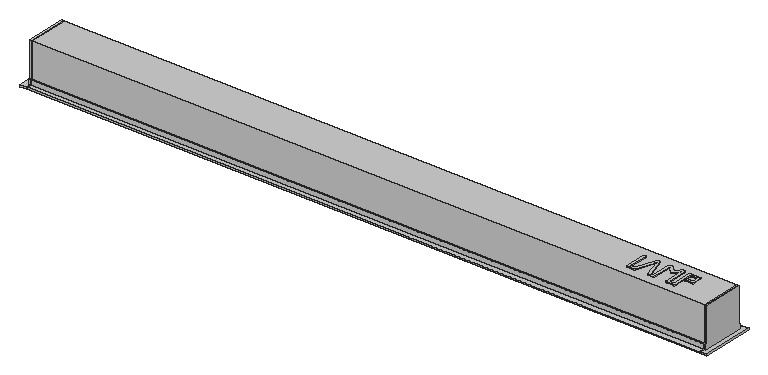
Revit family "LAMP_FIL 70 OPAL RECESSED", category Luminarias, Revit 2015
Parameters (values of type "1162MM 2600LM 3000K GREY")
  Ángulo de inclinación = 90.00°
  Weight = 2.662 kg
  Wattage = 19.2 W
  UniClass 2.0 Descripción = ""
  UniClass 2.0 Code = Product code  # "F71RE120LOOP830NG"
  UniClass 1.4 Descripción = ""
  UniClass 1.4 Code = Product code  # "F71RE120LOOP830NG"
  Type = "MID POWER PHILIPS"
  Recessed dimensions = "1174 x 78 x 85 mm"
  built-in parameter 1150110 = 1 (stored number, unit not read)
  Protection rating = "IP42, IK06"
  Product datasheet = "https://www.lamp.es/product-files/TECH/F71RE120LOOP830NG-EN.pdf"
  Product code = "F71RE120LOOP830NG"
  Product URL = "https://www.lamp.es/en/family/fil-70_33399"
  Power Supply = "220-240V 50-60Hz"
  Power = 17 W
  Plum = 19.2 W
  Omniclass Descripción = ""
  OmniClass Code = ""
  NO COVER 2 [instance] = not(END COVER 2)  # no
  NO COVER 1 [instance] = not(END COVER 1)  # no
  Modelo = Product code  # "F71RE120LOOP830NG"
  Model explanation = "Availability of switching between accessories through visibility parameters when placed in a project."
  Material Perfil = LAMP_Aluminio Perfil Fil GR
  Material Difusor = LAMP_PC Difusor Opal Fil
  Manufacturer name = "LAMP"
  Manufacturer country = "Spain"
  Manufacturer URL = "http://www.lamp.es/en"
  MacAdam = "3"
  Lámpara = "LED MID-POWER"
  Luminaire type = "Indoor - Modular System"
  Longitud = 1162.00 mm
  Last update = "12/08/2020"
  LED Lifetime = "60.000 L80 B10"
  Insulation class = "I"
  Installation instructions = "https://www.lamp.es/product-files/INS/1002960-J-INSTR.%20ESTRUCTURA%20FIL%2070.pdf"
  IFC Clasificación = "Light Fixture"
  IEE = "A+"
  Gear = "Electronic"
  Finish = "Gloss grey"
  built-in parameter 1114217 = 1 (stored number, unit not read)
  built-in parameter 1150109 = 1 (stored number, unit not read)
  Fabricante = Manufacturer name  # "LAMP"
  Efficacy = 103.8 lm/W
  END COVER 2 [instance] = yes
  END COVER 1 [instance] = yes
  Dimensions = "1162 x 89 x 70 mm"
  Descripción = "FIL 70 OPAL REC 2600 WW GR."
  Comentarios de tipo = Model explanation  # "Availability of switching between accessories through visibility parameters when placed in a project."
  built-in parameter 1150134 = (empty or 0)
  built-in parameter 1150113 = 1 (stored number, unit not read)
  Lumens = 1992.96 lm
  built-in parameter 1150115 = 1 (stored number, unit not read)
  built-in parameter 1150105 = 733.15 (stored number, unit not read)
  built-in parameter 1150137 = (empty or 0)
  built-in parameter 1150139 = (empty or 0)
  built-in parameter 1150112 = 1 (stored number, unit not read)
  built-in parameter 1150114 = 1 (stored number, unit not read)
  built-in parameter 1150132 = 2
  built-in parameter 1150102 = (empty or 0)
  built-in parameter 1150138 = (empty or 0)
  built-in parameter 1150107 = 3000 (stored number, unit not read)
  built-in parameter 1150106 = 7.3315 (stored number, unit not read)
  Emit from Line Length = Longitud  # 1162.00 mm
  built-in parameter 1150104 = 9.6433 (stored number, unit not read)
  Dimming Lamp Color Temperature Shift = (empty or 0)
  Color Filter = 16777215
  built-in parameter 1114218 = 1 (stored number, unit not read)
  CRI = "80"
  CORNER 2 RIGHT [instance] = and(NO COVER 2, ACC CORNER 2, not(CORNER 2 LEFT))  # no
  CORNER 2 LEFT [instance] = and(NO COVER 2, ACC CORNER 2, CHANGE SIDE CORNER 2)  # no
  CORNER 1 RIGHT [instance] = and(NO COVER 1, ACC CORNER 1, not(CORNER 1 LEFT))  # no
  CORNER 1 LEFT [instance] = and(NO COVER 1, ACC CORNER 1, CHANGE SIDE CORNER 1)  # no
  CHANGE SIDE CORNER 2 [instance] = no
  CHANGE SIDE CORNER 1 [instance] = no
  Archivo de red fotométrica = "4741693.IES"
  ACC CORNER 2 [instance] = no
  ACC CORNER 1 [instance] = no
  built-in parameter 1150133 = 10 (stored number, unit not read)
Types (17, lengths in mm): name | Weight | Wattage | UniClass 2.0 Code | UniClass 1.4 Code | Recessed dimensions | Product datasheet | Product code | Power | Plum | Modelo | Material Perfil | Manufacturer name | Longitud | LED Lifetime | IEE | Finish | Fabricante | Efficacy | Dimensions | Descripción | built-in parameter 1150134 | Lumens | built-in parameter 1150105 | built-in parameter 1150107 | built-in parameter 1150106 | Emit from Line Length | built-in parameter 1150104 | Archivo de red fotométrica
  (no name) | 2.662 kg | 19.2 W | "F71RE120LOOP830NG" | "F71RE120LOOP830NG" | "1174 x 78 x 85 mm" | "https://www.lamp.es/product-files/TECH/F71RE120LOOP830NG-EN.pdf" | "F71RE120LOOP830NG" | 17 W | 19.2 W | "F71RE120LOOP830NG" | LAMP_Aluminio Perfil Fil GR | "LAMP" | 1162.00 | "60.000 L80 B10" | "A+" | "Gloss grey" | "LAMP" | 103.8 lm/W | "1162 x 89 x 70 mm" | "FIL 70 OPAL REC 2600 WW GR." | (empty or 0) | 1992.96 lm | 733.15 (stored number, unit not read) | 3000 (stored number, unit not read) | 7.3315 (stored number, unit not read) | 1162.00 | 9.6433 (stored number, unit not read) | "4741693.IES"
  1162MM 2600LM 3000K WHITE | 2.662 kg | 19.2 W | "F71RE120LOOP830NW" | "F71RE120LOOP830NW" | "1174 x 78 x 85 mm" | "https://www.lamp.es/product-files/TECH/F71RE120LOOP830NW-EN.pdf" | "F71RE120LOOP830NW" | 17 W | 19.2 W | "F71RE120LOOP830NW" | LAMP_Aluminio Perfil Fil BL | "LAMP" | 1162.00 | "60.000 L80 B10" | "A+" | "Matt white" | "LAMP" | 103.8 lm/W | "1162 x 89 x 70 mm" | "FIL 70 OPAL REC 2600 WW WH." | (empty or 0) | 1992.96 lm | 733.15 (stored number, unit not read) | 3000 (stored number, unit not read) | 7.3315 (stored number, unit not read) | 1162.00 | 9.6433 (stored number, unit not read) | "4741690.IES"
  1162MM 2600LM 3000K GREY | 2.662 kg | 19.2 W | "F71RE120LOOP830NG" | "F71RE120LOOP830NG" | "1174 x 78 x 85 mm" | "https://www.lamp.es/product-files/TECH/F71RE120LOOP830NG-EN.pdf" | "F71RE120LOOP830NG" | 17 W | 19.2 W | "F71RE120LOOP830NG" | LAMP_Aluminio Perfil Fil GR | "LAMP" | 1162.00 | "60.000 L80 B10" | "A+" | "Gloss grey" | "LAMP" | 103.8 lm/W | "1162 x 89 x 70 mm" | "FIL 70 OPAL REC 2600 WW GR." | (empty or 0) | 1992.96 lm | 733.15 (stored number, unit not read) | 3000 (stored number, unit not read) | 7.3315 (stored number, unit not read) | 1162.00 | 9.6433 (stored number, unit not read) | "4741693.IES"
  1162MM 2600LM 4000K WHITE | 2.662 kg | 19.2 W | "F71RE120LOOP840NW" | "F71RE120LOOP840NW" | "1174 x 78 x 85 mm" | "https://www.lamp.es/product-files/TECH/F71RE120LOOP840NW-EN.pdf" | "F71RE120LOOP840NW" | 17 W | 19.2 W | "F71RE120LOOP840NW" | LAMP_Aluminio Perfil Fil BL | "LAMP" | 1162.00 | "60.000 L80 B10" | "A++" | "Matt white" | "LAMP" | 111.6 lm/W | "1162 x 89 x 70 mm" | "FIL 70 OPAL REC 2600 NW WH." | 12 | 2142.72 lm | 793.76 (stored number, unit not read) | 4000 (stored number, unit not read) | 7.9376 (stored number, unit not read) | 1162.00 | 10.368 (stored number, unit not read) | "4740690.IES"
  1162MM 2600LM 4000K GREY | 2.662 kg | 19.2 W | "F71RE120LOOP840NG" | "F71RE120LOOP840NG" | "1174 x 78 x 85 mm" | "https://www.lamp.es/product-files/TECH/F71RE120LOOP840NG-EN.pdf" | "F71RE120LOOP840NG" | 17 W | 19.2 W | "F71RE120LOOP840NG" | LAMP_Aluminio Perfil Fil GR | "LAMP" | 1162.00 | "60.000 L80 B10" | "A++" | "Gloss grey" | "LAMP" | 111.6 lm/W | "1162 x 89 x 70 mm" | "FIL 70 OPAL REC 2600 NW GR." | 12 | 2142.72 lm | 793.76 (stored number, unit not read) | 4000 (stored number, unit not read) | 7.9376 (stored number, unit not read) | 1162.00 | 10.368 (stored number, unit not read) | "4740693.IES"
  1162MM 4400LM 3000K WHITE | 2.662 kg | 30.7 W | "F71RE120HOOP830NW" | "F71RE120HOOP830NW" | "1174 x 78 x 85 mm" | "https://www.lamp.es/product-files/TECH/F71RE120HOOP830NW-EN.pdf" | "F71RE120HOOP830NW" | 28 W | 30.7 W | "F71RE120HOOP830NW" | LAMP_Aluminio Perfil Fil BL | "LAMP" | 1162.00 | "60.000 L80 B10" | "A++" | "Matt white" | "LAMP" | 109.8 lm/W | "1162 x 89 x 70 mm" | "FIL 70 OPAL REC 4400 WW WH." | (empty or 0) | 3370.86 lm | 1240.1 (stored number, unit not read) | 3000 (stored number, unit not read) | 12.401 (stored number, unit not read) | 1162.00 | 10.201 (stored number, unit not read) | "4741590.IES"
  1162MM 4400LM 3000K GREY | 2.662 kg | 30.7 W | "F71RE120HOOP830NG" | "F71RE120HOOP830NG" | "1174 x 78 x 85 mm" | "https://www.lamp.es/product-files/TECH/F71RE120HOOP830NG-EN.pdf" | "F71RE120HOOP830NG" | 28 W | 30.7 W | "F71RE120HOOP830NG" | LAMP_Aluminio Perfil Fil GR | "LAMP" | 1162.00 | "60.000 L80 B10" | "A++" | "Gloss grey" | "LAMP" | 109.8 lm/W | "1162 x 89 x 70 mm" | "FIL 70 OPAL REC 4400 WW GR." | (empty or 0) | 3370.86 lm | 1240.1 (stored number, unit not read) | 3000 (stored number, unit not read) | 12.401 (stored number, unit not read) | 1162.00 | 10.201 (stored number, unit not read) | "4741593.IES"
  1162MM 4400LM 4000K WHITE | 2.667 kg | 30.7 W | "F71RE120HOOP840NW" | "F71RE120HOOP840NW" | "1174 x 78 x 85 mm" | "https://www.lamp.es/product-files/TECH/F71RE120HOOP840NW-EN.pdf" | "F71RE120HOOP840NW" | 28 W | 30.7 W | "F71RE120HOOP840NW" | LAMP_Aluminio Perfil Fil BL | "LAMP" | 1162.00 | "60.000 L80 B10" | "A++" | "Matt white" | "LAMP" | 115.5 lm/W | "1162 x 89 x 70 mm" | "FIL 50 OPAL REC 4400 NW WH." | 12 | 3545.85 lm | 1313.4 (stored number, unit not read) | 4000 (stored number, unit not read) | 13.134 (stored number, unit not read) | 1162.00 | 10.73 (stored number, unit not read) | "4740590.IES"
  1162MM 4400LM 4000K GREY | 2.667 kg | 30.7 W | "F71RE120HOOP840NG" | "F71RE120HOOP840NG" | "1174 x 78 x 85 mm" | "https://www.lamp.es/product-files/TECH/F71RE120HOOP840NG-EN.pdf" | "F71RE120HOOP840NG" | 28 W | 30.7 W | "F71RE120HOOP840NG" | LAMP_Aluminio Perfil Fil GR | "LAMP" | 1162.00 | "60.000 L80 B10" | "A++" | "Gloss grey" | "LAMP" | 115.5 lm/W | "1162 x 89 x 70 mm" | "FIL 70 OPAL REC 4400 NW GR." | 12 | 3545.85 lm | 1313.4 (stored number, unit not read) | 4000 (stored number, unit not read) | 13.134 (stored number, unit not read) | 1162.00 | 10.73 (stored number, unit not read) | "4740593.IES"
  1743MM 3900LM 3000K WHITE | 4.271 kg | 29.7 W | "F71RE170LOOP830NW" | "F71RE170LOOP830NW" | "1755 x 78 x 85 mm" | "https://www.lamp.es/product-files/TECH/F71RE170LOOP830NW-EN.pdf" | "F71RE170LOOP830NW" | 25 W | 29.7 W | "F71RE170LOOP830NW" | LAMP_Aluminio Perfil Fil BL | "LAMP" | 1743.00 | "50.000 L80 B10" | "A+" | "Matt white" | "LAMP" | 100.6 lm/W | "1743 x 89 x 70 mm" | "FIL 70 OPAL REC 3900 WW WH." | (empty or 0) | 2987.82 lm | 1099.1 (stored number, unit not read) | 3000 (stored number, unit not read) | 10.991 (stored number, unit not read) | 1743.00 | 9.346 (stored number, unit not read) | "4741700.IES"
  1743MM 3900LM 3000K GREY | 4.271 kg | 29.7 W | "F71RE170LOOP830NG" | "F71RE170LOOP830NG" | "1755 x 78 x 85 mm" | "https://www.lamp.es/product-files/TECH/F71RE170LOOP830NG-EN.pdf" | "F71RE170LOOP830NG" | 25 W | 29.7 W | "F71RE170LOOP830NG" | LAMP_Aluminio Perfil Fil GR | "LAMP" | 1743.00 | "50.000 L80 B10" | "A+" | "Gloss grey" | "LAMP" | 100.6 lm/W | "1743 x 89 x 70 mm" | "FIL 70 OPAL REC 3900 WW GR." | (empty or 0) | 2987.82 lm | 1099.1 (stored number, unit not read) | 3000 (stored number, unit not read) | 10.991 (stored number, unit not read) | 1743.00 | 9.346 (stored number, unit not read) | "4741703.IES"
  1743MM 3900LM 4000K WHITE | 4.271 kg | 29.7 W | "F71RE170LOOP840NW" | "F71RE170LOOP840NW" | "1755 x 78 x 85 mm" | "https://www.lamp.es/product-files/TECH/F71RE170LOOP840NW-EN.pdf" | "F71RE170LOOP840NW" | 25 W | 29.7 W | "F71RE170LOOP840NW" | LAMP_Aluminio Perfil Fil BL | "LAMP" | 1743.00 | "50.000 L80 B10" | "A++" | "Matt white" | "LAMP" | 108.3 lm/W | "1743 x 89 x 70 mm" | "FIL 50 OPAL REC 3900 NW WH." | 12 | 3216.51 lm | 1191.4 (stored number, unit not read) | 4000 (stored number, unit not read) | 11.914 (stored number, unit not read) | 1743.00 | 10.061 (stored number, unit not read) | "4740700.IES"
  1743MM 3900LM 4000K GREY | 4.271 kg | 29.7 W | "F71RE170LOOP840NG" | "F71RE170LOOP840NG" | "1755 x 78 x 85 mm" | "https://www.lamp.es/product-files/TECH/F71RE170LOOP840NG-EN.pdf" | "F71RE170LOOP840NG" | 25 W | 29.7 W | "F71RE170LOOP840NG" | LAMP_Aluminio Perfil Fil GR | "Lamp" | 1743.00 | "50.000 L80 B10" | "A++" | "Gloss grey" | "Lamp" | 108.3 lm/W | "1743 x 89 x 70 mm" | "FIL 70 OPAL REC 3900 NW GR." | 12 | 3216.51 lm | 1191.4 (stored number, unit not read) | 4000 (stored number, unit not read) | 11.914 (stored number, unit not read) | 1743.00 | 10.061 (stored number, unit not read) | "4740703.IES"
  1743MM 6600LM 3000K WHITE | 4.276 kg | 45.8 W | "F71RE170HOOP830NW" | "F71RE170HOOP830NW" | "1755 x 78 x 85 mm" | "https://www.lamp.es/product-files/TECH/F71RE170HOOP830NW-EN.pdf" | "F71RE170HOOP830NW" | 41 W | 45.8 W | "F71RE170HOOP830NW" | LAMP_Aluminio Perfil Fil BL | "LAMP" | 1743.00 | "50.000 L80 B10" | "A++" | "Matt white" | "LAMP" | 110.4 lm/W | "1743 x 89 x 70 mm" | "FIL 70 OPAL REC 6600 WW WH." | (empty or 0) | 5056.32 lm | 1860.1 (stored number, unit not read) | 3000 (stored number, unit not read) | 18.601 (stored number, unit not read) | 1743.00 | 10.256 (stored number, unit not read) | "4741600.IES"
  1743MM 6600LM 3000K GREY | 4.276 kg | 45.8 W | "F71RE170HOOP830NG" | "F71RE170HOOP830NG" | "1755 x 78 x 85 mm" | "https://www.lamp.es/product-files/TECH/F71RE170HOOP830NG-EN.pdf" | "F71RE170HOOP830NG" | 41 W | 45.8 W | "F71RE170HOOP830NG" | LAMP_Aluminio Perfil Fil GR | "LAMP" | 1743.00 | "50.000 L80 B10" | "A++" | "Gloss grey" | "LAMP" | 110.4 lm/W | "1743 x 89 x 70 mm" | "FIL 50 OPAL REC 6600 WW GR." | (empty or 0) | 5056.32 lm | 1860.1 (stored number, unit not read) | 3000 (stored number, unit not read) | 18.601 (stored number, unit not read) | 1743.00 | 10.256 (stored number, unit not read) | "4741603.IES"
  1743MM 6600LM 4000K WHITE | 4.276 kg | 45.8 W | "F71RE170HOOP840NW" | "F71RE170HOOP840NW" | "1755 x 78 x 85 mm" | "https://www.lamp.es/product-files/TECH/F71RE170HOOP840NW-EN.pdf" | "F71RE170HOOP840NW" | 41 W | 45.8 W | "F71RE170HOOP840NW" | LAMP_Aluminio Perfil Fil BL | "LAMP" | 1743.00 | "50.000 L80 B10" | "A++" | "Matt white" | "LAMP" | 116.1 lm/W | "1743 x 89 x 70 mm" | "FIL 70 OPAL REC 6600 NW WH." | 12 | 5317.38 lm | 1969.7 (stored number, unit not read) | 4000 (stored number, unit not read) | 19.697 (stored number, unit not read) | 1743.00 | 10.786 (stored number, unit not read) | "4740600.IES"
  1743MM 6600LM 4000K GREY | 4.276 kg | 45.8 W | "F71RE170HOOP840NG" | "F71RE170HOOP840NG" | "1755 x 78 x 85 mm" | "https://www.lamp.es/product-files/TECH/F71RE170HOOP840NG-EN.pdf" | "F71RE170HOOP840NG" | 41 W | 45.8 W | "F71RE170HOOP840NG" | LAMP_Aluminio Perfil Fil GR | "LAMP" | 1743.00 | "50.000 L80 B10" | "A++" | "Gloss grey" | "LAMP" | 116.1 lm/W | "1743 x 89 x 70 mm" | "FIL 50 OPAL REC 6600 NW GR." | 12 | 5317.38 lm | 1969.7 (stored number, unit not read) | 4000 (stored number, unit not read) | 19.697 (stored number, unit not read) | 1743.00 | 10.786 (stored number, unit not read) | "4740603.IES"
Reference planes
  plane 1 "Eje de origen de luz (F/P)": y = 0
  plane 2 "Techo": z = 2438.4
  plane 3 "Eje de origen de luz (I/D)": x = 0
  plane 4 "Elevación de origen de luz": z = 2438.398
  plane 5: x = 1162
  plane 6: z = 2398.4
  plane 7 "Centro origen de luz": x = 581
Forms (mm)
  Extrusion 1, solid, material "LAMP_Aluminio Perfil Fil GR" <- "Material Perfil"
    sketch origin (0, 0, 200.882) x (0, 1, 0) y (0, 0, 1)
      loop
        line (45, 2237.518) -> (36.5, 2237.518) -> (36.5, 2245.518) -> (35, 2246.453) -> (35, 2305.033) -> (-35, 2305.033) -> (-35, 2246.453) -> (-36.5, 2245.518) -> (-36.5, 2237.518) -> (-45, 2237.518) -> (-45, 2235.033) -> (-34.402, 2235.033) -> (-34.402, 2237.518) -> (34.396, 2237.518) -> (34.396, 2235.018) -> (45, 2235.018) -> (45, 2237.518)
    from 0 to 1162
  Extrusion 2, solid, material "LAMP_PC Difusor Opal Fil" <- "Material Difusor"
    sketch origin (0, 0, 198.4) x (0, 1, 0) y (0, 0, 1)
      loop
        line (-34.402, 2240) -> (-34.402, 2237.516) -> (34.396, 2237.516) -> (34.396, 2240) -> (-34.402, 2240)
    from 0 to 1162
  Extrusion 3, solid, material "LAMP_Aluminio Perfil Fil GR" <- "Material Perfil"
    sketch origin (-14.588, 0, 2441.098) x (0, -1, 0) y (1, 0, 0)
      loop
        arc (17.275, 1028.459) -> (18.554, 1028.989) -> (19.083, 1030.268) r 1.808
        line (19.083, 1030.268) -> (19.083, 1041.281)
        arc (19.083, 1041.281) -> (18.734, 1042.373) -> (17.815, 1043.058) r 1.88
        line (17.815, 1043.058) -> (-14.196, 1054.073) -> (17.64, 1065.027)
        arc (17.64, 1065.027) -> (18.502, 1065.671) -> (18.83, 1066.695) r 1.764
        line (18.83, 1066.695) -> (18.83, 1074.628)
        arc (18.83, 1074.628) -> (18.312, 1075.878) -> (17.062, 1076.396) r 1.768
        line (17.062, 1076.396) -> (-14.398, 1076.396) -> (-4.438, 1086.355) -> (-14.398, 1096.315) -> (17.367, 1096.315)
        arc (17.367, 1096.315) -> (18.58, 1096.818) -> (19.083, 1098.032) r 1.717
        line (19.083, 1098.032) -> (19.083, 1110.348)
        arc (19.083, 1110.348) -> (18.539, 1111.662) -> (17.225, 1112.206) r 1.858
        line (17.225, 1112.206) -> (-12.857, 1112.206)
        arc (-12.857, 1112.206) -> (-14.127, 1112.732) -> (-14.653, 1114.002) r 1.796
        line (-14.653, 1114.002) -> (-14.653, 1122.357)
        arc (-14.653, 1122.357) -> (-14.111, 1123.664) -> (-12.803, 1124.206) r 1.849
        line (-12.803, 1124.206) -> (-6.491, 1124.206)
        arc (-6.491, 1124.206) -> (-5.191, 1123.668) -> (-4.653, 1122.368) r 1.838
        line (-4.653, 1122.368) -> (-4.653, 1114.675)
        arc (-4.653, 1114.675) -> (-2.653, 1112.675) -> (-0.653, 1114.675) r 2
        line (-0.653, 1114.675) -> (-0.653, 1126.413)
        arc (-0.653, 1126.413) -> (-1.178, 1127.681) -> (-2.446, 1128.206) r 1.793
        line (-2.446, 1128.206) -> (-16.771, 1128.206)
        arc (-16.771, 1128.206) -> (-18.102, 1127.655) -> (-18.653, 1126.324) r 1.882
        line (-18.653, 1126.324) -> (-18.653, 1110.064)
        arc (-18.653, 1110.064) -> (-18.109, 1108.75) -> (-16.795, 1108.206) r 1.858
        line (-16.795, 1108.206) -> (13.276, 1108.206)
        arc (13.276, 1108.206) -> (14.59, 1107.662) -> (15.135, 1106.347) r 1.859
        line (15.135, 1106.347) -> (15.135, 1102.233)
        arc (15.135, 1102.233) -> (14.593, 1100.926) -> (13.286, 1100.384) r 1.849
        line (13.286, 1100.384) -> (-14.97, 1100.384)
        arc (-14.97, 1100.384) -> (-19.003, 1097.483) -> (-17.533, 1092.737) r 4.253
        line (-17.533, 1092.737) -> (-11.151, 1086.355) -> (-17.533, 1079.973)
        arc (-17.533, 1079.973) -> (-19.003, 1075.228) -> (-14.97, 1072.326) r 4.253
        line (-14.97, 1072.326) -> (12.834, 1072.326)
        arc (12.834, 1072.326) -> (15.098, 1070.41) -> (13.581, 1067.861) r 2.295
        line (13.581, 1067.861) -> (-16.097, 1057.655)
        arc (-16.097, 1057.655) -> (-18.653, 1054.073) -> (-16.097, 1050.491) r 3.788
        line (-16.097, 1050.491) -> (13.877, 1040.183)
        arc (13.877, 1040.183) -> (14.788, 1039.503) -> (15.135, 1038.42) r 1.864
        line (15.135, 1038.42) -> (15.135, 1034.236)
        arc (15.135, 1034.236) -> (14.614, 1032.98) -> (13.358, 1032.459) r 1.777
        line (13.358, 1032.459) -> (-16.865, 1032.459)
        arc (-16.865, 1032.459) -> (-18.865, 1030.459) -> (-16.865, 1028.459) r 2
        line (-16.865, 1028.459) -> (17.275, 1028.459)
    from 64.818 to 65.82
Text (mm)
  text "Any modification of the parameters and properties of the LAMP BIM models must be executed and validated by the LAMP technical department.\n\nPhone: +34 93 736 68 00\n\nE-mail: lamp@lamp.es\n\n\n\nLAMP reserves the right to modify the technical specifications of its products." at (1382.462, -227.064, 2017.334), in view "Preview"
Dimensions and locks
  equal spacing: host sketch curve, plane 3 "Eje de origen de luz (I/D)", host sketch curve
  equal spacing: host sketch curve, plane 1 "Eje de origen de luz (F/P)", host sketch curve
  host sketch curve to host sketch curve = 3952.00 mm
  host sketch curve to host sketch curve = 3048.00 mm
  "Longitud": plane 3 "Eje de origen de luz (I/D)" to plane 5
  Extrusion 2 sketch curve to imposter light = 0.002 mm
  locked: plane 2 "Techo" to plane 6 at 40
  equal spacing: plane 3 "Eje de origen de luz (I/D)", plane 7 "Centro origen de luz", plane 5
  aligned and locked: plane 1 "Eje de origen de luz (F/P)" to imposter light
  aligned and locked: plane 4 "Elevación de origen de luz" to imposter light
  aligned and locked: plane 5 to Extrusion 2
  aligned and locked: plane 5 to Extrusion 1
  aligned and locked: Extrusion 2 to plane 3 "Eje de origen de luz (I/D)"
  aligned and locked: Extrusion 1 to plane 3 "Eje de origen de luz (I/D)"
  aligned and locked: imposter light to plane 7 "Centro origen de luz"
  aligned and locked: Extrusion 2 to Extrusion 1  (x2)
  aligned and locked: plane 5 to nested 1
  aligned and locked: plane 3 "Eje de origen de luz (I/D)" to nested 2
  aligned and locked: plane 5 to nested 3
  aligned and locked: plane 3 "Eje de origen de luz (I/D)" to nested 4
  aligned and locked: nested 5 to plane 5
  aligned and locked: Extrusion 3 to Extrusion 1
Automatic sketch dimensions
  Extrusion 1 sketch curve to plane 2 "Techo" = 0.00 mm  (x3)
  plane 1 "Eje de origen de luz (F/P)" to Extrusion 1 sketch curve = 45.00 mm
  Extrusion 1 sketch curve to Extrusion 1 sketch curve = 8.50 mm  (x2)
  plane 1 "Eje de origen de luz (F/P)" to Extrusion 1 sketch curve = 35.00 mm
  Extrusion 1 sketch curve to Extrusion 1 sketch curve = 2.098 mm
  plane 4 "Elevación de origen de luz" to Extrusion 1 sketch curve = 2.498 mm
  Extrusion 1 sketch curve to plane 1 "Eje de origen de luz (F/P)" = 34.396 mm
  plane 2 "Techo" to Extrusion 1 sketch curve = 8.936 mm
  Extrusion 1 sketch curve to Extrusion 1 sketch curve = 0.604 mm
  Extrusion 1 sketch curve to Extrusion 1 sketch curve = 1.50 mm
  plane 4 "Elevación de origen de luz" to Extrusion 1 sketch curve = 2.482 mm
  plane 2 "Techo" to Extrusion 1 sketch curve = 8.00 mm
  Extrusion 1 sketch curve to Extrusion 1 sketch curve = 0.936 mm  (x2)
  Extrusion 1 sketch curve to Extrusion 1 sketch curve = 58.58 mm
  plane 4 "Elevación de origen de luz" to Extrusion 2 sketch curve = 2.482 mm
  plane 1 "Eje de origen de luz (F/P)" to Extrusion 2 sketch curve = 34.402 mm
  Extrusion 2 sketch curve to plane 1 "Eje de origen de luz (F/P)" = 34.396 mm
  Extrusion 3 sketch curve to plane 1 "Eje de origen de luz (F/P)" = 18.653 mm
  Extrusion 3 sketch curve to Extrusion 3 sketch curve = 1.119 mm
  Extrusion 3 sketch curve to Extrusion 3 sketch curve = 0.00 mm  (x4)
  Extrusion 3 sketch curve to plane 1 "Eje de origen de luz (F/P)" = 16.865 mm
  Extrusion 3 sketch curve to Extrusion 3 sketch curve = 1.858 mm  (x2)
  Extrusion 3 sketch curve to Extrusion 3 sketch curve = 1.882 mm
  Extrusion 3 sketch curve to plane 1 "Eje de origen de luz (F/P)" = 16.097 mm
  Extrusion 3 sketch curve to Extrusion 3 sketch curve = 1.824 mm
  Extrusion 3 sketch curve to Extrusion 3 sketch curve = 2.563 mm
  Extrusion 3 sketch curve to Extrusion 3 sketch curve = 1.232 mm
  Extrusion 3 sketch curve to Extrusion 3 sketch curve = 2.118 mm  (x2)
  Extrusion 3 sketch curve to Extrusion 3 sketch curve = 0.572 mm  (x2)
  Extrusion 3 sketch curve to Extrusion 3 sketch curve = 0.669 mm
  Extrusion 3 sketch curve to Extrusion 3 sketch curve = 1.796 mm
  Extrusion 3 sketch curve to Extrusion 3 sketch curve = 1.849 mm  (x2)
  Extrusion 3 sketch curve to Extrusion 3 sketch curve = 6.382 mm  (x2)
  Extrusion 3 sketch curve to Extrusion 3 sketch curve = 6.313 mm
  Extrusion 3 sketch curve to plane 1 "Eje de origen de luz (F/P)" = 4.653 mm
  Extrusion 3 sketch curve to plane 1 "Eje de origen de luz (F/P)" = 4.438 mm
  Extrusion 3 sketch curve to Extrusion 3 sketch curve = 2.00 mm  (x2)
  Extrusion 3 sketch curve to Extrusion 3 sketch curve = 1.793 mm
  plane 1 "Eje de origen de luz (F/P)" to Extrusion 3 sketch curve = 12.834 mm
  plane 1 "Eje de origen de luz (F/P)" to Extrusion 3 sketch curve = 13.27 mm
  plane 1 "Eje de origen de luz (F/P)" to Extrusion 3 sketch curve = 13.276 mm
  Extrusion 3 sketch curve to Extrusion 3 sketch curve = 0.01 mm
  Extrusion 3 sketch curve to Extrusion 3 sketch curve = 0.087 mm
  Extrusion 3 sketch curve to Extrusion 3 sketch curve = 0.746 mm
  Extrusion 3 sketch curve to Extrusion 3 sketch curve = 0.606 mm
  Extrusion 3 sketch curve to Extrusion 3 sketch curve = 1.777 mm
  Extrusion 3 sketch curve to Extrusion 3 sketch curve = 4.228 mm
  Extrusion 3 sketch curve to Extrusion 3 sketch curve = 3.485 mm
  Extrusion 3 sketch curve to Extrusion 3 sketch curve = 3.327 mm
  Extrusion 3 sketch curve to Extrusion 3 sketch curve = 3.949 mm
  Extrusion 3 sketch curve to Extrusion 3 sketch curve = 3.917 mm
  Extrusion 3 sketch curve to Extrusion 3 sketch curve = 4.08 mm
  Extrusion 3 sketch curve to Extrusion 3 sketch curve = 0.574 mm
  Extrusion 3 sketch curve to Extrusion 3 sketch curve = 0.612 mm
  Extrusion 3 sketch curve to Extrusion 3 sketch curve = 1.764 mm
  Extrusion 3 sketch curve to Extrusion 3 sketch curve = 1.88 mm
  Extrusion 3 sketch curve to plane 5 = 148.129 mm
  Extrusion 3 sketch curve to Extrusion 3 sketch curve = 4.184 mm
  Extrusion 3 sketch curve to Extrusion 3 sketch curve = 2.861 mm
  Extrusion 3 sketch curve to Extrusion 3 sketch curve = 18.032 mm
  Extrusion 3 sketch curve to Extrusion 3 sketch curve = 3.582 mm
  Extrusion 3 sketch curve to Extrusion 3 sketch curve = 21.969 mm
  Extrusion 3 sketch curve to Extrusion 3 sketch curve = 1.166 mm
  Extrusion 3 sketch curve to Extrusion 3 sketch curve = 2.17 mm
  Extrusion 3 sketch curve to Extrusion 3 sketch curve = 2.302 mm
  Extrusion 3 sketch curve to Extrusion 3 sketch curve = 0.184 mm  (x2)
  Extrusion 3 sketch curve to Extrusion 3 sketch curve = 4.114 mm
  Extrusion 3 sketch curve to Extrusion 3 sketch curve = 2.142 mm
  Extrusion 3 sketch curve to Extrusion 3 sketch curve = 0.673 mm
  Extrusion 3 sketch curve to Extrusion 3 sketch curve = 8.355 mm
Nested families
  nested 1: "LAMP_FIL + ACC END COVER RECESSED" at (1162, 0, 2435.9), Material <- "Material Perfil", visible <- "END COVER 1", type "GREY"
    with Material LAMP_Aluminio Perfil Fil GR
  nested 2: "LAMP_FIL + ACC END COVER RECESSED" at (0, 0, 2435.9) x (-1, 0, 0) z (0, 0, 1), Material <- "Material Perfil", visible <- "END COVER 2", type "GREY"
    with Material LAMP_Aluminio Perfil Fil GR
  nested 3: "LAMP_FIL + LED ACC RECESSED 90º CORNER" at (1162, 44.5, -1561.6), Material <- "Material Perfil", visible <- "CORNER 1 RIGHT", type "GREY"
    with Material LAMP_Aluminio Perfil Fil GR
  nested 4: "LAMP_FIL + LED ACC RECESSED 90º CORNER" at (0, 44.5, -1561.6) x (-1, 0, 0) z (0, 0, 1), Material <- "Material Perfil", visible <- "CORNER 2 RIGHT", type "GREY"
    with Material LAMP_Aluminio Perfil Fil GR
  nested 5: "LAMP_FIL + LED ACC RECESSED 90º CORNER" at (1262, 55.5, -1561.6) x (0, -1, 0) z (0, 0, 1), Material <- "Material Perfil", visible <- "CORNER 1 LEFT", type "GREY"
    with Material LAMP_Aluminio Perfil Fil GR
  nested 6: "LAMP_FIL + LED ACC RECESSED 90º CORNER" at (-100, 55.5, -1561.6) x (0, -1, 0) z (0, 0, 1), Material <- "Material Perfil", visible <- "CORNER 2 LEFT", type "GREY"
    with Material LAMP_Aluminio Perfil Fil GR
Connectors
  electrical at (20, 0, 2505.916)
    settings: on Extrusion 1, index 1, voltage 240 V, apparent load 0 VA, apparent load phase1 0 VA, apparent load phase2 0 VA, apparent load phase3 0 VA, power factor 1, load classification "Iluminación", number of poles 1, system type 31, power factor state 1, is connector primary yes, connector utility no, sub classification motor no, connector description ""
Definition of nested family "LAMP_FIL + ACC END COVER RECESSED"
  Parameters (values of type "WHITE")
    Weight = 0.049 kg
    Product datasheet = "http://www.lamp.es/product-files/TECH/4700680-EN.pdf"
    Product code = "4700680\r\n4700680\r\n4700680\r\n4700680"
    Model = Product code  # "4700680\r\n4700680\r\n4700680\r\n4700680"
    Material [instance] = none
    Manufacturer name = "LAMP"
    Manufacturer country = "Spain"
    Manufacturer URL = "http://www.lamp.es/en"
    Luminaire type = "Assembly"
    Last update = "09/05/2018"
    Installation instructions = ""
    Finish = "Matt white"
    Manufacturer = Manufacturer name  # "LAMP"
    Description = "FIL + ACC. REC END COVER WH."
  Types (3, lengths in mm): name | Product datasheet | Product code | Model | Finish | Description
    (no name) | "http://www.lamp.es/product-files/TECH/4700680-EN.pdf" | "4700680\r\n4700680\r\n4700680\r\n4700680" | "4700680\r\n4700680\r\n4700680\r\n4700680" | "Matt white" | "FIL + ACC. REC END COVER WH."
    GREY | "http://www.lamp.es/product-files/TECH/4700683-EN.pdf" | "4700683" | "4700683" | "Gloss grey" | "FIL + ACC. REC END COVER GR."
    WHITE | "http://www.lamp.es/product-files/TECH/4700680-EN.pdf" | "4700680\r\n4700680\r\n4700680\r\n4700680" | "4700680\r\n4700680\r\n4700680\r\n4700680" | "Matt white" | "FIL + ACC. REC END COVER WH."
  Reference planes
    plane 1 "Centro (Frontal/Posterior)": y = 0
    plane 2: z = 0
    plane 3 "Centro (Izquierda/Derecha)": x = 0
  Forms (mm)
    Extrusion 1, solid, material <- "Material"
      sketch origin (0, 0, 0) x (1, 0, 0) y (0, 0, 1)
        loop
          line (0, 0) -> (11, 0) -> (11, 2.5) -> (3, 2.5) -> (3, 70) -> (0, 70) -> (0, 0)
      from 45 to -45
    Extrusion 2, void
      sketch origin (0, -11, 0) x (0, -1, 0) y (0, 0, -1)
        loop
          line (34, -2.5) -> (25.5, -2.5) -> (25.5, -10.5) -> (24, -11.436) -> (24, -71.895) -> (34, -71.895) -> (34, -2.5)
      from 3 to 0
    Extrusion 3, void
      sketch origin (0, 11, 0) x (0, 1, 0) y (0, 0, 1)
        loop
          line (34, 2.5) -> (34, 71.895) -> (24, 71.895) -> (24, 11.436) -> (25.5, 10.5) -> (25.5, 2.5) -> (34, 2.5)
      from 3 to 0
  Cuts and joins
    Extrusion 2, Extrusion 3 cuts Extrusion 1
  Text (mm)
    text "Any modification of the parameters and properties of the LAMP BIM models must be executed and validated by the LAMP technical department.\n\nPhone: +34 93 736 68 00\n\nE-mail: lamp@lamp.es\n\n\n\nLAMP reserves the right to modify the technical specifications of its products." at (44012.343, -44329.051, 16742.06), in view "Preview"
  Dimensions and locks
    aligned and locked: level to plane 2
Definition of nested family "LAMP_FIL + LED ACC RECESSED 90º CORNER"
  Parameters (values of type "WHITE")
    Weight = 0.24 kg
    Product datasheet = "http://www.lamp.es/product-files/TECH/4700120-EN.pdf"
    Product code = "4700120"
    Model = Product code  # "4700120"
    Material [instance] = none
    Manufacturer name = "LAMP"
    Manufacturer country = "Spain"
    Manufacturer URL = "http://www.lamp.es/en"
    Last update = "09/05/2018"
    Installation instructions = ""
    Finish = "Matt white"
    Manufacturer = Manufacturer name  # "LAMP"
    Description = "FIL + ACC. REC 90º CORNER WH."
    Accessory Type = "Assembly"
  Types (2, lengths in mm): name | Product datasheet | Product code | Model | Finish | Description
    GREY | "http://www.lamp.es/product-files/TECH/4700123-EN.pdf" | "4700123" | "4700123" | "Gloss grey" | "FIL + ACC. REC 90º CORNER GR."
    WHITE | "http://www.lamp.es/product-files/TECH/4700120-EN.pdf" | "4700120" | "4700120" | "Matt white" | "FIL + ACC. REC 90º CORNER WH."
  Reference planes
    plane 1 "Eje de origen de luz (F/P)": y = 0
    plane 2: z = 0
    plane 3 "Eje de origen de luz (I/D)": x = 0
    plane 4 "Techo": z = 4000
    plane 5 "Elevación de origen de luz": z = 3700
    plane 6: x = 100.5
    plane 7: y = -100
  Forms (mm)
    Sweep 1, solid, material <- "Material"
      path origin (-10, 0, 4000) x (0, 1, 0) y (-1, 0, 0)
        loop
          line (-8, -10) -> (-8, -102) -> (-100, -102)
      profile origin (46, -8, 4000) x (0, 1, 0) y (0, 0, 1)
        loop
          line (-71.5, 67.5) -> (-71.5, 8.936) -> (-73, 8) -> (-73, 0) -> (-81.5, 0) -> (-81.5, -2.5) -> (8.5, -2.5) -> (8.5, 0) -> (0, 0) -> (0, 8) -> (-1.5, 8.936) -> (-1.5, 67.5) -> (-71.5, 67.5)
  Text (mm)
    text "Any modification of the parameters and properties of the LAMP BIM models must be executed and validated by the LAMP technical department.\n\nPhone: +34 93 736 68 00\n\nE-mail: lamp@lamp.es\n\n\n\nLAMP reserves the right to modify the technical specifications of its products." at (14238.37, -8150.626, 8855.257), in view "Preview"
  Dimensions and locks
    equal spacing: host sketch curve, plane 3 "Eje de origen de luz (I/D)", host sketch curve
    equal spacing: host sketch curve, plane 1 "Eje de origen de luz (F/P)", host sketch curve
    host sketch curve to host sketch curve = 4000.00 mm  (x2)
    locked: plane 4 "Techo" to host ceiling at 0
    plane 3 "Eje de origen de luz (I/D)" to plane 6 = 100.50 mm  (x2)
    plane 7 to plane 1 "Eje de origen de luz (F/P)" = 100.00 mm  (x2)
    plane 5 "Elevación de origen de luz" to plane 4 "Techo" = 300.00 mm
    aligned and locked: plane 3 "Eje de origen de luz (I/D)" to Sweep 1
    aligned and locked: plane 7 to Sweep 1
    aligned and locked: plane 6 to Sweep 1
